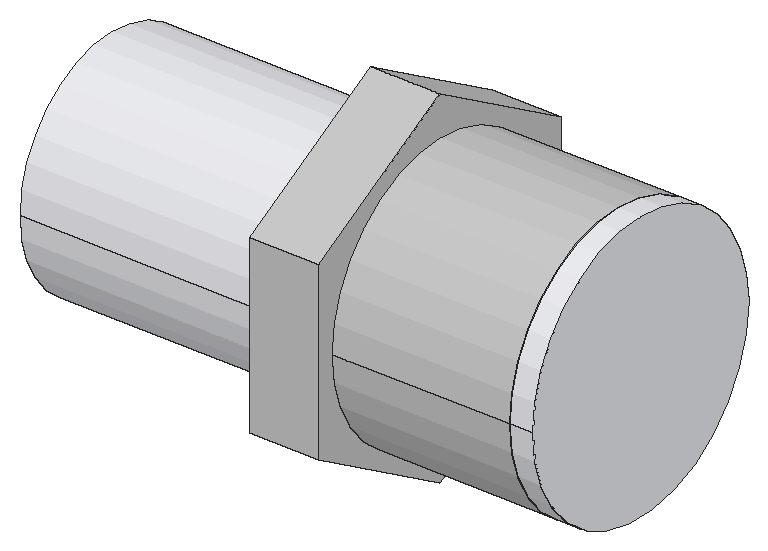
Revit family "PF_Соединение [фитинг полипропиленовый - патрубок под накидную гайку VTp.721.0]1 - VALTEC", category Соединительные детали трубопроводов, Revit 2019
Family settings
  Размер круглого соединителя = Использовать диаметр
  Тип детали = Соединение
  На основе рабочей плоскости = Нет
  Всегда вертикально = Да
  При загрузке вырезать с полостями = Нет
  Общий = Нет
Parameters (values of type "VTp.721.0")
  Таблица = "PF_Соединение [фитинг полипропиленовый - патрубок под накидную гайку VTp.721.0] - VALTEC"  # constant formula
  built-in parameter 1114238 [instance] = (empty or 0)
  Отразить [instance] = no
  Материал доп.1 = Сталь, нержавеющая - VALTEC
  Manufacturer = ""
  n [instance] = if(Отразить, 1 mm, 0 mm)  # 0 mm
  l2 [instance] = size_lookup(Таблица, "l2", 0 mm, n, d)  # 22.5 mm
  l1 [instance] = size_lookup(Таблица, "l1", 0 mm, n, d)  # 28.5 mm
  dn4 [instance] = size_lookup(Таблица, "dn4", 0 mm, n, d)  # 23.5 mm
  dn3 [instance] = size_lookup(Таблица, "dn3", 0 mm, n, d)  # 30.4 mm
  x2 [instance] = if(Отразить, d, 1 mm)  # 1 mm
  dn2 [instance] = size_lookup(Таблица, "dn2", 0 mm, n, d)  # 23.5 mm
  x1 [instance] = if(Отразить, 1 mm, d)  # 20 mm
  dn1 [instance] = size_lookup(Таблица, "dn1", 0 mm, n, d)  # 20 mm
  d [instance] = 20 mm
  a4 [instance] = size_lookup(Таблица, "a4", 0 mm, n, d)  # 2 mm
  a3 [instance] = size_lookup(Таблица, "a3", 0 mm, n, d)  # 6 mm
  a2 [instance] = size_lookup(Таблица, "a2", 0 mm, n, d)  # 15.5 mm
  a1 [instance] = size_lookup(Таблица, "a1", 0 mm, n, d)  # 22.5 mm
  URL = "https://valtec.ru/"
  ADSK_Примечание [instance] = ""
  ADSK_Позиция [instance] = ""
  ADSK_Обозначение [instance] = "VTp.721.0"  # constant formula
  ADSK_Наименование [instance] = size_lookup(Таблица, "", "Данный типоразмер отсутствует", n, d)  # "Фитинг полипропиленовый - патрубок под накидную гайку,  20 мм x 3/4\""
  ADSK_Материал = Пластик белый - VALTEC
  ADSK_Масса [instance] = size_lookup(Таблица, "Масса", 0, n, d)  # 0.055
  ADSK_Марка [instance] = size_lookup(Таблица, "Маркировка", "Данный типоразмер отсутствует", n, d)  # "20x3/4\""
  ADSK_Код изделия [instance] = size_lookup(Таблица, "Код продукта", "Данный типоразмер отсутствует", n, d)  # "VTp.721.0.02005"
  ADSK_Завод-изготовитель [instance] = "VALTEC"  # constant formula
  ADSK_Единица измерения [instance] = "шт."  # constant formula
  ADSK_URL страницы изделия = "https://valtec.ru/catalog/sistemy_polipropilenovyh_truboprovodov/polipropilenovye_fitingi/fiting_polipropilenovyj_patrubok_pod_nakidnuyu_gajku.html"
  ADSK_URL документации изделия = "https://valtec.ru/document/technical/VTp.700-fitingi-0419.pdf"
  A [instance] = size_lookup(Таблица, "A", 0 mm, n, d)  # 46 mm
Reference planes
  plane 1 "По центру (Вперед/Назад)": y = 0
  plane 2: z = 0
  plane 3 "По центру (Влево/Вправо)": x = 0
  plane 4: y = -10
  plane 5: y = 10
  plane 6: y = -0.5
  plane 7: y = 0.5
  plane 8: x = -23
  plane 9: x = 23
  plane 10: x = -0.5
  plane 11: x = 5.5
  plane 12: x = 21
  plane 13: x = -0.5
  plane 14: x = 5.5
  plane 15: x = 21
Forms (mm)
  Extrusion 1, solid, material "Сталь, нержавеющая - VALTEC" <- "Материал доп.1", detail levels medium+fine
    sketch origin (0, 0, 0) x (0, 1, 0) y (0, 0, 1)
      loop
        circle (0, 0) r 11.75
    from 5.5 to 21
  Extrusion 2, solid, material "Пластик белый - VALTEC" <- "ADSK_Материал", detail levels medium+fine
    sketch origin (0, 0, 0) x (0, 1, 0) y (0, 0, 1)
      loop
        circle (0, 0) r 10
    from -23 to -0.5
  Extrusion 3, solid, material "Пластик белый - VALTEC" <- "ADSK_Материал", detail levels medium+fine
    sketch origin (0, 0, 0) x (0, 1, 0) y (0, 0, 1)
      loop
        circle (0, 0) r 11.75
    from 21 to 23
Lines and regions (mm)
  reference lines
    curve 1: line (-23, 0, 0) -> (23, 0, 0)
  model lines, detail levels coarse
    curve 2: line (-23, 10, 0) -> (23, 0.5, 0)
    curve 3: line (23, 0.5, 0) -> (23, -0.5, 0)
    curve 4: line (23, -0.5, 0) -> (-23, -10, 0)
    curve 5: line (-23, 10, 0) -> (-23, -10, 0)
Dimensions and locks
  equal spacing: plane 5, plane 1 "По центру (Вперед/Назад)", plane 4
  "x1": plane 5 to plane 4
  equal spacing: plane 6, plane 1 "По центру (Вперед/Назад)", plane 7
  "x2": plane 6 to plane 7
  equal spacing: plane 8, plane 3 "По центру (Влево/Вправо)", plane 9
  "A": plane 8 to plane 9
  "a1": plane 8 to plane 10
  "a2": plane 11 to plane 12
  "a4": plane 15 to plane 9
  "a3": plane 13 to plane 14
  "l1": plane 8 to plane 11
  "l2": plane 8 to plane 13
  "dn2": diameter of Extrusion 1 sketch curve
  "dn1": diameter of Extrusion 2 sketch curve
  "dn4": diameter of Extrusion 3 sketch curve
  aligned and locked: level to plane 2
  aligned and locked: level to Extrusion 1 sketch curve
  aligned and locked: plane 1 "По центру (Вперед/Назад)" to Extrusion 1 sketch curve
  aligned and locked: level to Extrusion 2 sketch curve
  aligned and locked: plane 1 "По центру (Вперед/Назад)" to Extrusion 2 sketch curve
  aligned and locked: level to Extrusion 3 sketch curve
  aligned and locked: plane 1 "По центру (Вперед/Назад)" to Extrusion 3 sketch curve
  aligned and locked: plane 10 to Extrusion 2
  aligned and locked: Extrusion 2 to plane 8
  aligned and locked: plane 12 to Extrusion 1
  aligned and locked: Extrusion 1 to plane 11
  aligned and locked: Extrusion 3 to plane 15
  aligned and locked: Extrusion 3 to plane 9
  aligned and locked: nested 1 to plane 1 "По центру (Вперед/Назад)"
  aligned and locked: plane 14 to nested 1
  aligned and locked: plane 9 to curve 1
  aligned and locked: plane 8 to curve 1
  aligned and locked: plane 9 to curve 2
  aligned and locked: plane 7 to curve 2
  aligned and locked: plane 6 to curve 3
  aligned and locked: plane 8 to curve 4
  aligned and locked: plane 5 to curve 5
  aligned and locked: plane 4 to curve 5
  aligned and locked: curve 5 to plane 8
  aligned and locked: plane 1 "По центру (Вперед/Назад)" to curve 1
Nested families
  nested 1: "гайка" at (5.5, 0, 0) x (0, 1, 0) z (0, 0, 1), L <- "a3", d <- "dn3", Материал 1 <- "Материал доп.1", type "гайка", detail levels medium+fine
    with Материал 1 Сталь, нержавеющая - VALTEC, m 26.327 mm, d 30.4 mm, L 6 mm
Connectors
  piping at (-23, 0, 0), diameter 20, driven by "d"
    settings: on curve 1, index 1, connector inside diameter 609.6 mm, connector length 0 mm, flow factor 0, pipe flow 0.0 L/s, pressure drop 0.0 Pa, fitting loss kfactor 0, connector angle 0.00°, fixture units 0, engagement length 0 mm, angle of deflection 0.00°, flow configuration 0, flow direction 0, fitting loss method 0, system type 28, joint type 0, gender type 0, connector reference index 2, connector utility 0, adjustable connector no, is connector primary yes, connector description ""
  piping at (23, 0, 0), diameter 20, driven by "d"
    settings: on curve 1, index 2, connector inside diameter 609.6 mm, connector length 0 mm, flow factor 0, pipe flow 0.0 L/s, pressure drop 0.0 Pa, fitting loss kfactor 0, connector angle 0.00°, fixture units 0, engagement length 0 mm, angle of deflection 0.00°, flow configuration 0, flow direction 0, fitting loss method 0, system type 28, joint type 0, gender type 0, connector reference index 1, connector utility 0, adjustable connector no, is connector primary no, connector description ""
Definition of nested family "гайка"
  Parameters (values of type "гайка")
    Материал 1 [instance] = none
    m [instance] = (d / 2) / (2 * tan(180.00° / 6)) * 2  # 12.99 mm
    d [instance] = 15 mm
    L [instance] = 15.008 mm
  Reference planes
    plane 1 "По центру (Вперед/Назад)": y = 0
    plane 2: z = 0
    plane 3 "По центру (Влево/Вправо)": x = 0
    plane 4: x = -6.495
    plane 5: x = 6.495
    plane 6: z = 7.5
    plane 7: z = -7.5
    plane 8: through (-4.434, -1524, 2.56) normal (0.5, 0, 0.866)
    plane 9: through (4.434, -1524, 2.56) normal (0.5, 0, -0.866)
    plane 10: through (-1.187, -1524, 8.185) normal (0.5, 0, 0.866)
    plane 11: through (-7.682, -1524, -3.065) normal (0.5, 0, 0.866)
    plane 12: through (1.187, -1524, 8.185) normal (0.5, 0, -0.866)
    plane 13: through (7.682, -1524, -3.065) normal (0.5, 0, -0.866)
    plane 14: y = 15.008
  Forms (mm)
    Extrusion 1, solid, material <- "Материал 1"
      sketch origin (0, 0, 0) x (1, 0, 0) y (0, 0, 1)
        loop
          line (0, 7.5) -> (-6.495, 3.75) -> (-6.495, -3.75) -> (0, -7.5) -> (6.495, -3.75) -> (6.495, 3.75) -> (0, 7.5)
      from -15.008 to 0
  Dimensions and locks
    equal spacing: plane 5, plane 3 "По центру (Влево/Вправо)", plane 4
    "m": plane 5 to plane 4
    equal spacing: plane 6, plane 2, plane 7
    "d": plane 6 to plane 7
    equal spacing: plane 12, plane 9, plane 13
    "m": plane 12 to plane 13
    equal spacing: plane 10, plane 8, plane 11
    "m": plane 10 to plane 11
    "L": plane 1 "По центру (Вперед/Назад)" to plane 14
    aligned and locked: level to plane 2
    aligned and locked: Extrusion 1 sketch curve to plane 4
    aligned and locked: plane 12 to Extrusion 1 sketch curve
    aligned and locked: plane 10 to Extrusion 1 sketch curve
    aligned and locked: Extrusion 1 sketch curve to plane 5
    aligned and locked: Extrusion 1 sketch curve to plane 13
    aligned and locked: Extrusion 1 sketch curve to plane 11
    aligned and locked: plane 1 "По центру (Вперед/Назад)" to Extrusion 1
    aligned and locked: plane 14 to Extrusion 1
